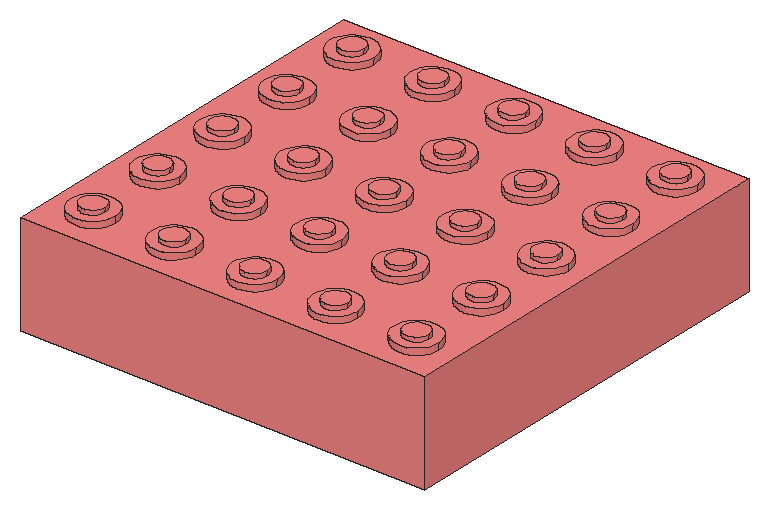
Revit family "podotatil alerta", category Generic Models, Revit 2016
Family settings
  Part Type = Normal
  Can host rebar = No
  Round Connector Dimension = Use Diameter
  Work Plane-Based = No
  Always vertical = Yes
  Cut with Voids When Loaded = No
  Shared = No
  Room Calculation Point = No
Reference planes (cm)
  plane 1 "Center (Front/Back)": y = 0
  plane 2: z = 0
  plane 3 "Center (Left/Right)": x = 0
Forms (cm)
  Extrusion 1, solid, material "Ceramica vermelha"
    sketch origin (0, 0, 0) x (1, 0, 0) y (0, 1, 0)
      loop
        line (-34.0927, 37.6866) -> (-34.0927, 17.6866) -> (-14.0927, 17.6866) -> (-14.0927, 37.6866) -> (-34.0927, 37.6866)
    from 0 to 5
  Extrusion 2, solid, material "Ceramica vermelha"
    sketch origin (0, 0, 0) x (1, 0, 0) y (0, 1, 0)
      loop
        circle (-16.0927, 35.6866) r 1.1
      loop
        circle (-20.0927, 35.6866) r 1.1
      loop
        circle (-24.0927, 35.6866) r 1.1
      loop
        circle (-28.0927, 35.6866) r 1.1
      loop
        circle (-32.0927, 35.6866) r 1.1
      loop
        circle (-16.0927, 31.6866) r 1.1
      loop
        circle (-20.0927, 31.6866) r 1.1
      loop
        circle (-24.0927, 31.6866) r 1.1
      loop
        circle (-28.0927, 31.6866) r 1.1
      loop
        circle (-32.0927, 31.6866) r 1.1
      loop
        circle (-16.0927, 27.6866) r 1.1
      loop
        circle (-20.0927, 27.6866) r 1.1
      loop
        circle (-24.0927, 27.6866) r 1.1
      loop
        circle (-28.0927, 27.6866) r 1.1
      loop
        circle (-32.0927, 27.6866) r 1.1
      loop
        circle (-16.0927, 23.6866) r 1.1
      loop
        circle (-20.0927, 23.6866) r 1.1
      loop
        circle (-24.0927, 23.6866) r 1.1
      loop
        circle (-28.0927, 23.6866) r 1.1
      loop
        circle (-32.0927, 23.6866) r 1.1
      loop
        circle (-16.0927, 19.6866) r 1.1
      loop
        circle (-20.0927, 19.6866) r 1.1
      loop
        circle (-24.0927, 19.6866) r 1.1
      loop
        circle (-28.0927, 19.6866) r 1.1
      loop
        circle (-32.0927, 19.6866) r 1.1
    from 5.3 to 5
  Extrusion 3, solid, material "Ceramica vermelha"
    sketch origin (0, 0, 0) x (1, 0, 0) y (0, 1, 0)
      loop
        circle (-32.0927, 19.6866) r 0.6
      loop
        circle (-32.0927, 23.6866) r 0.6
      loop
        circle (-32.0927, 27.6866) r 0.6
      loop
        circle (-32.0927, 31.6866) r 0.6
      loop
        circle (-32.0927, 35.6866) r 0.6
      loop
        circle (-28.0927, 19.6866) r 0.6
      loop
        circle (-28.0927, 23.6866) r 0.6
      loop
        circle (-28.0927, 27.6866) r 0.6
      loop
        circle (-28.0927, 31.6866) r 0.6
      loop
        circle (-28.0927, 35.6866) r 0.6
      loop
        circle (-24.0927, 19.6866) r 0.6
      loop
        circle (-24.0927, 23.6866) r 0.6
      loop
        circle (-24.0927, 27.6866) r 0.6
      loop
        circle (-24.0927, 31.6866) r 0.6
      loop
        circle (-24.0927, 35.6866) r 0.6
      loop
        circle (-20.0927, 19.6866) r 0.6
      loop
        circle (-20.0927, 23.6866) r 0.6
      loop
        circle (-20.0927, 27.6866) r 0.6
      loop
        circle (-20.0927, 31.6866) r 0.6
      loop
        circle (-20.0927, 35.6866) r 0.6
      loop
        circle (-16.0927, 19.6866) r 0.6
      loop
        circle (-16.0927, 23.6866) r 0.6
      loop
        circle (-16.0927, 27.6866) r 0.6
      loop
        circle (-16.0927, 31.6866) r 0.6
      loop
        circle (-16.0927, 35.6866) r 0.6
    from 5.5 to 5.3
Dimensions and locks (cm)
  aligned and locked: plane 2 to level
